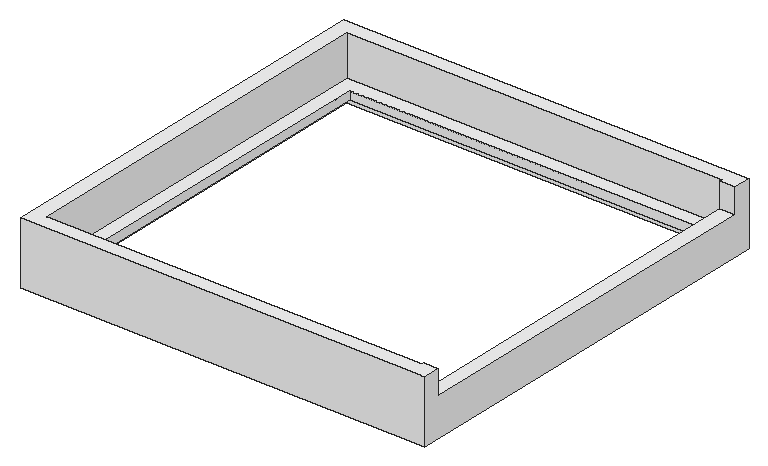
Revit family "Gira_028201", category Electrical Fixtures, host Face, Revit 2017
Family settings
  Host = Face
  Maintain Annotation Orientation = No
  Round Connector Dimension = Use Diameter
  Part Type = Normal
  Cut with Voids When Loaded = No
  Shared = No
  Room Calculation Point = No
Parameters (values of type "Adapterrahmen quadr. 50 x 50 mm System 55 Cremeweiß")
  URL = "http://katalog.gira.de/de_DE/datenblatt.html?artikelnr=028201"
  Region = "DE"
  RAL-Nummer (ähnlich) = "1013 "
  Name = "Adapterrahmen quadr. 50 x 50 mm System 55 Cremeweiß"
  Mit Textfeld = "No"
  Mit Klappdeckel = "No"
  Manufacturer URL = "https://www.gira.de/"
  Keynote = "Sys55_Adapterrahmen_50x50"
  HeinzeBIM = "https://bimportal.heinze.de/bim/adapterrahmen-quadr-50-x-50-mm-system-55-cremeweiss/ad288752d9ea2a9c9d7bea066009ee80c0471550"
  HAN = "028201"
  GTIN = "4010337282013"
  Farbe = "weiß"
  Default Elevation = 1219.2 mm
  Data sheet (1) = "https://katalog.gira.de/de_DE/download.html?artikelnr=028201"
  Category = "Übergangsadapter für Installationsschalterprogramme"
  Available = "Yes"
  Abschließbar = "No"
  Abmessungen = "quadratisch 50 mm / quadratisch 50 mm"
Reference planes
  plane 1 "Center (Front/Back)": y = 0
  plane 2: z = 0
  plane 3 "Center (Left/Right)": x = 0
  plane 4: y = 27.7
  plane 5: y = -27.7
  plane 6: x = 27.7
  plane 7: x = -27.7
  plane 8: y = -25.4
  plane 9: y = 25.4
Forms (mm)
  Extrusion 1, solid, material "White", detail levels fine
    sketch origin (0, 0, 0) x (1, 0, 0) y (0, 1, 0)
      loop
        line (-27.7, 27.7) -> (-27.7, -27.7) -> (27.7, -27.7) -> (27.7, 27.7) -> (-27.7, 27.7)
      loop
        line (-25.7, 25.7) -> (-25.7, -25.7) -> (25.7, -25.7) -> (25.7, 25.7) -> (-25.7, 25.7)
    from 0 to 8.6
  Extrusion 2, solid, material "White", detail levels fine
    sketch origin (0, 0, 0) x (1, 0, 0) y (0, 1, 0)
      loop
        line (-25.7, 25.7) -> (-25.7, -25.7) -> (25.7, -25.7) -> (25.7, 25.7) -> (-25.7, 25.7)
      loop
        line (-23.7, 23.7) -> (-23.7, -23.7) -> (23.7, -23.7) -> (23.7, 23.7) -> (-23.7, 23.7)
    from 1.9 to 3.1
  Extrusion 3, void, detail levels fine
    sketch origin (0, 0, 0) x (1, 0, 0) y (0, 1, 0)
      loop
        line (27.7, 25.4) -> (25.7, 25.4) -> (25.7, -25.4) -> (27.7, -25.4) -> (27.7, 25.4)
    from 5.2 to 10
  Extrusion 4, solid, material "White", detail levels coarse+medium
    sketch origin (0, 0, 0) x (1, 0, 0) y (0, 1, 0)
      loop
        line (-27.7, 27.7) -> (-27.7, -27.7) -> (27.7, -27.7) -> (27.7, 27.7) -> (-27.7, 27.7)
    from 0 to 8.6
Cuts and joins
  Extrusion 3 cuts Extrusion 1
  Extrusion 3 cuts Extrusion 2
Dimensions and locks
  aligned and locked: plane 2 to host face
  aligned and locked: level to host face
